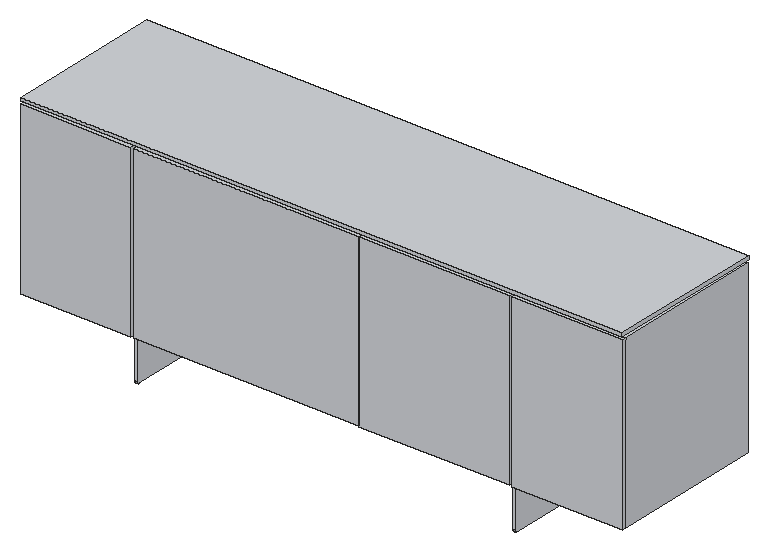
Revit family "Bernhardt_Design-Credenzas-Matera-ServingHeight", category Furniture, Revit 2016
Family settings
  OmniClass Number = 23.40.20.00
  OmniClass Title = General Furniture and Specialties
  Work Plane-Based = No
  Always vertical = Yes
  Cut with Voids When Loaded = No
  Shared = No
  Room Calculation Point = No
Parameters (values of type "Matera - TGJ")
  subTop_width = Tabletop_halfWidth - 27/32"  # 47 5/32"
  leg_width = 30 3/16"
  inside_36in-24inDrawers = no
  inside_36in-24in = yes
  inside_24in-36inDrawers = no
  inside_20in-20in-20in = no
  base_width = Tabletop_halfWidth - 6"  # 42"
  URL = "http://www.bernhardtdesign.com"
  Tabletop_width = 96"
  Tabletop_halfWidth = Tabletop_width / 2  # 48"
  Tabletop_halfDepth = Tabletop_depth / 2  # 12.5957"
  Tabletop_depth = 25 49/256"  # constant formula
  SKU = "TGJ"
  Model = "Matera"  # constant formula
  Manufacturer = "Bernhardt Design"  # constant formula
  Matera Veneer = none
  Matera Top = none
  Matera Metal = none
  Copyright © = "Copyright © Bernhardt Design"  # constant formula
  Catalog = SKU  # "TGJ"
  Authoring Version = "Autodesk Revit 2016"  # constant formula
  inside_24in-24inDrawers = no
  inside_24in-24in = no
  outside_open = no
  outside = yes
  inside_36in-12in = no
  inside_18in-18in = no
Types (13): name | subTop_width | leg_width | inside_36in-24inDrawers | inside_36in-24in | inside_20in-20in-20in | base_width | Tabletop_width | Tabletop_halfWidth | SKU | Catalog | inside_24in-24inDrawers | inside_24in-24in | outside_open | outside | inside_18in-18in
  (no name) | 47 5/32" | 30 3/16" | no | yes | no | 42" | 96" | 48" | "TGJ" | "TGJ" | no | no | no | yes | no
  Matera - TAJ,TIJ | 47 5/32" | 24 3/16" | no | no | no | 42" | 96" | 48" | "TAJ,TIJ" | "TAJ,TIJ" | no | yes | no | yes | no
  Matera - TAN,TBN | 35 5/32" | 18 3/16" | no | no | no | 30" | 72" | 36" | "TAN, TBN" | "TAN, TBN" | no | no | no | yes | yes
  Matera - TAL,TCL | 41 5/32" | 24 3/16" | no | no | no | 36" | 84" | 42" | "TAL,TCL" | "TAL,TCL" | no | yes | no | yes | no
  Matera - TAH,TIH | 53 5/32" | 30 3/16" | no | no | yes | 48" | 108" | 54" | "TAH,TIH" | "TAH,TIH" | no | no | no | yes | no
  Matera - TCJ,TEJ | 47 5/32" | 24 3/16" | no | no | no | 42" | 96" | 48" | "TCJ,TEJ" | "TCJ,TEJ" | no | yes | yes | no | no
  Matera - TGJ | 47 5/32" | 30 3/16" | no | yes | no | 42" | 96" | 48" | "TGJ" | "TGJ" | no | no | no | yes | no
  Matera - THJ | 47 5/32" | 30 3/16" | no | no | no | 42" | 96" | 48" | "THJ" | "THJ" | yes | no | no | yes | no
  Matera - TGH | 53 5/32" | 30 3/16" | no | yes | no | 48" | 108" | 54" | "TGH" | "TGH" | no | no | no | yes | no
  Matera - THH | 53 5/32" | 30 3/16" | yes | no | no | 48" | 108" | 54" | "THH" | "THH" | no | no | no | yes | no
  Matera - TBH,TFH | 53 5/32" | 30 3/16" | no | no | yes | 48" | 108" | 54" | "TBH,TFH" | "TBH,TFH" | no | no | yes | no | no
  Matera - TCH | 53 5/32" | 30 3/16" | no | yes | no | 48" | 108" | 54" | "TCH" | "TCH" | no | no | yes | no | no
  Matera - TDH | 53 5/32" | 30 3/16" | yes | no | no | 48" | 108" | 54" | "TDH" | "TDH" | no | no | yes | no | no
Reference planes (in)
  plane 1 "Center Front/Back": y = 0
  plane 2: z = 0
  plane 3 "Center Left/Right": x = 0
  plane 4 "LegPlane_right": x = 30.1875
  plane 5 "LegPlane_left": x = -30.1875
  plane 6 "basePlane_left": x = -42
  plane 7 "basePlane_right": x = 42
  plane 8 "subTop_plane": z = 33.97656
  plane 9 "subTopPlane_right": x = 47.15625
  plane 10 "subTopPlane_left": x = -47.15625
  plane 11 "TabletopPlane_left": x = -48
  plane 12 "TabletopPlane_right": x = 48
  plane 13 "Tabletop_depthPlane_top": y = 12.5957
  plane 14: y = -12.5957
  plane 15 "cabinetPlane_bottom": z = 6.88989
  plane 16 "subtop_plane_front": y = -11.75146
Forms (in)
  Extrusion 1, solid, material <- "Matera Metal"
    sketch origin (30.1875, 0, 0) x (0, -1, 0) y (0, 0, 1)
      loop
        line (11.75171, 33.97656) -> (-11.71234, 33.97656) -> (-11.71234, 0.25)
        arc (-11.71234, 0.25) -> (-11.63912, 0.07322) -> (-11.46234, 0) r 0.25
        line (-11.46234, 0) -> (11.50171, 0)
        arc (11.50171, 0) -> (11.67849, 0.07322) -> (11.75171, 0.25) r 0.25
        line (11.75171, 0.25) -> (11.75171, 33.97656)
    from -0.21851 to 0.21851
  Extrusion 2, solid, material <- "Matera Metal"
    sketch origin (-30.1875, 0, 0) x (0, -1, 0) y (0, 0, 1)
      loop
        line (11.75171, 33.97656) -> (-11.71234, 33.97656) -> (-11.71234, 0.25)
        arc (-11.71234, 0.25) -> (-11.63912, 0.07322) -> (-11.46234, 0) r 0.25
        line (-11.46234, 0) -> (11.50171, 0)
        arc (11.50171, 0) -> (11.67849, 0.07322) -> (11.75171, 0.25) r 0.25
        line (11.75171, 0.25) -> (11.75171, 33.97656)
    from -0.21851 to 0.21851
  Extrusion 3, solid, material <- "Matera Metal"
    sketch origin (-42, 0, 0) x (0, 1, 0) y (0, 0, 1)
      loop
        arc (-7.25048, 6.88989) -> (-7.30254, 6.86833) -> (-7.3241, 6.81628) r 0.07361
        line (-7.3241, 6.81628) -> (-7.3241, 5.58573)
        arc (-7.3241, 5.58573) -> (-7.27939, 5.47781) -> (-7.17147, 5.43311) r 0.15262
        line (-7.17147, 5.43311) -> (-5.96611, 5.43311)
        arc (-5.96611, 5.43311) -> (-5.8518, 5.48046) -> (-5.80444, 5.59478) r 0.16167
        line (-5.80444, 5.59478) -> (-5.80444, 6.81462)
        arc (-5.80444, 6.81462) -> (-5.82649, 6.86784) -> (-5.87972, 6.88989) r 0.07528
        line (-5.87972, 6.88989) -> (-7.25048, 6.88989)
      loop
        line (7.03649, 6.88989) -> (5.66573, 6.88989)
        arc (5.66573, 6.88989) -> (5.6125, 6.86784) -> (5.59045, 6.81462) r 0.07528
        line (5.59045, 6.81462) -> (5.59045, 5.59478)
        arc (5.59045, 5.59478) -> (5.63781, 5.48046) -> (5.75212, 5.43311) r 0.16167
        line (5.75212, 5.43311) -> (6.95748, 5.43311)
        arc (6.95748, 5.43311) -> (7.06541, 5.47781) -> (7.11011, 5.58573) r 0.15262
        line (7.11011, 5.58573) -> (7.11011, 6.81628)
        arc (7.11011, 6.81628) -> (7.08855, 6.86833) -> (7.03649, 6.88989) r 0.07361
    from 0 to 84
  Extrusion 4, solid, material <- "Matera Metal"
    sketch origin (0, 0, 33.97656) x (-1, 0, 0) y (0, -1, 0)
      loop
        line (-47.15625, -12.5957) -> (-46.65625, -12.5957) -> (-46.65625, 11.25146) -> (-47.15625, 11.25146) -> (-47.15625, -12.5957)
    from 0 to 0.51196
  Extrusion 5, solid, material <- "Matera Metal"
    sketch origin (0, 0, 33.97656) x (-1, 0, 0) y (0, -1, 0)
      loop
        line (-47.15625, 11.25146) -> (47.15625, 11.25146) -> (47.15625, 11.75146) -> (-47.15625, 11.75146) -> (-47.15625, 11.25146)
    from 0 to 0.51196
  Extrusion 6, solid, material <- "Matera Top"
    sketch origin (0, 0, 33.97656) x (-1, 0, 0) y (0, -1, 0)
      loop
        line (48, -12.5957) -> (48, 12.5957) -> (-48, 12.5957) -> (-48, -12.5957) -> (48, -12.5957)
    from 0.51196 to 1.02368
  Extrusion 7, solid, material <- "Matera Metal"
    sketch origin (0, 0, 33.97656) x (1, 0, 0) y (0, 1, 0)
      loop
        line (-47.15625, 12.5957) -> (-47.15625, -11.25146) -> (-46.65625, -11.25146) -> (-46.65625, 12.5957) -> (-47.15625, 12.5957)
    from 0 to 0.51196
  Extrusion 8, solid, material <- "Matera Veneer"
    sketch origin (0, 0, 0) x (1, 0, 0) y (0, 0, 1)
      loop
        line (-47.15625, 33.97656) -> (-47.15625, 33.22876) -> (47.15625, 33.22876) -> (47.15625, 33.97656) -> (-47.15625, 33.97656)
      loop
        line (-47.15625, 6.88989) -> (47.15625, 6.88989) -> (47.15625, 7.63794) -> (-47.15625, 7.63794) -> (-47.15625, 6.88989)
    from -12.5 to 11.75232
  Extrusion 9, solid, material <- "Matera Veneer"
    sketch origin (0, 0, 33.97656) x (-1, 0, 0) y (0, -1, 0)
      loop
        line (-47.15625, -12.5957) -> (47.15625, -12.5957) -> (47.15625, -11.71234) -> (-47.15625, -11.71234) -> (-47.15625, -12.5957)
    from -27.08667 to 0
  Extrusion 10, solid, material <- "Matera Veneer"
    sketch origin (0, 0, 0) x (1, 0, 0) y (0, 0, 1)
      loop
        line (48, 33.97656) -> (47.15625, 33.97656) -> (47.15625, 6.88989) -> (48, 6.88989) -> (48, 33.97656)
    from -12.5 to 11.77411
  Extrusion 11, solid, material <- "Matera Veneer"
    sketch origin (0, 0, 0) x (-1, 0, 0) y (0, 0, -1)
      loop
        line (48, -33.97656) -> (48, -6.88989) -> (47.15625, -6.88989) -> (47.15625, -33.97656) -> (48, -33.97656)
    from -12.5 to 11.77411
  Extrusion 12, solid, visible <- "outside"
    sketch origin (0, -1.46161, 0) x (1, 0, 0) y (0, 0, 1)
      loop
        line (-30.40601, 6.88989) -> (-30.40601, 33.97656) -> (-48, 33.97656) -> (-48, 6.88989) -> (-30.40601, 6.88989)
      loop
        line (48, 6.88989) -> (48, 33.97656) -> (30.40601, 33.97656) -> (30.40601, 6.88989) -> (48, 6.88989)
    from 10.3125 to 11.03839
  Extrusion 13, solid, visible <- "inside_18in-18in"
    sketch origin (18.03101, -1.46161, 0) x (1, 0, 0) y (0, 0, 1)
      loop
        line (-18.08515, 6.88989) -> (-18.08515, 33.97656) -> (-48, 33.97656) -> (-48, 6.88989) -> (-18.08515, 6.88989)
      loop
        line (11.93799, 6.88989) -> (11.93799, 33.97656) -> (-17.97686, 33.97656) -> (-17.97686, 6.88989) -> (11.93799, 6.88989)
    from 10.3125 to 11.03839
  Extrusion 14, solid, visible <- "inside_36in-12in"
    sketch origin (18.03101, -1.46161, 0) x (1, 0, 0) y (0, 0, 1)
      loop
        line (-6.11761, 6.88989) -> (-6.11761, 33.97656) -> (-48, 33.97656) -> (-48, 6.88989) -> (-6.11761, 6.88989)
      loop
        line (11.93799, 6.88989) -> (11.93799, 33.97656) -> (-6.03888, 33.97656) -> (-6.03888, 6.88989) -> (11.93799, 6.88989)
    from 10.3125 to 11.03839
  Extrusion 15, solid, visible <- "outside_open"
    sketch origin (0, 0, 0) x (1, 0, 0) y (0, 0, 1)
      loop
        line (-30.40601, 33.22876) -> (-31.15601, 33.22876) -> (-31.15601, 20.74259) -> (-47.15625, 20.74259) -> (-47.15625, 20.23584) -> (-31.15601, 20.23584) -> (-31.15601, 7.63794) -> (-30.40601, 7.63794) -> (-30.40601, 33.22876)
      loop
        line (30.40601, 33.22876) -> (30.40601, 7.63794) -> (31.15601, 7.63794) -> (31.15601, 20.23584) -> (47.15625, 20.23584) -> (47.15625, 20.74259) -> (31.15601, 20.74259) -> (31.15601, 33.22876) -> (30.40601, 33.22876)
    from -11.61664 to 11.25208
  Extrusion 16, solid, visible <- "inside_24in-24in"
    sketch origin (12.05145, -1.46161, 0) x (1, 0, 0) y (0, 0, 1)
      loop
        line (-12.1056, 6.88989) -> (-12.1056, 33.97656) -> (-42.02044, 33.97656) -> (-42.02044, 6.88989) -> (-12.1056, 6.88989)
      loop
        line (17.91755, 6.88989) -> (17.91755, 33.97656) -> (-11.9973, 33.97656) -> (-11.9973, 6.88989) -> (17.91755, 6.88989)
    from 10.3125 to 11.03839
  Extrusion 17, solid, visible <- "inside_24in-24inDrawers"
    sketch origin (10.30145, -1.46161, 0) x (1, 0, 0) y (0, 0, 1)
      loop
        line (-10.3556, 6.88989) -> (-10.3556, 33.97656) -> (-40.27044, 33.97656) -> (-40.27044, 6.88989) -> (-10.3556, 6.88989)
      loop
        line (19.66755, 20.4231) -> (19.66755, 33.97656) -> (-10.2473, 33.97656) -> (-10.2473, 20.4231) -> (19.66755, 20.4231)
      loop
        line (19.66755, 6.88989) -> (19.66755, 20.34436) -> (-10.2473, 20.34436) -> (-10.2473, 6.88989) -> (19.66755, 6.88989)
    from 10.3125 to 11.03839
  Extrusion 18, solid, visible <- "inside_20in-20in-20in"
    sketch origin (10.30145, -1.46161, 0) x (1, 0, 0) y (0, 0, 1)
      loop
        line (-20.42224, 6.88989) -> (-20.42224, 33.97656) -> (-40.27044, 33.97656) -> (-40.27044, 6.88989) -> (-20.42224, 6.88989)
      loop
        line (-0.44848, 6.88989) -> (-0.44848, 33.97656) -> (-20.3435, 33.97656) -> (-20.3435, 6.88989) -> (-0.44848, 6.88989)
      loop
        line (-0.36975, 6.88989) -> (19.66755, 6.88989) -> (19.66755, 33.97656) -> (-0.36975, 33.97656) -> (-0.36975, 6.88989)
    from 10.3125 to 11.03839
  Extrusion 19, solid, visible <- "inside_24in-36inDrawers"
    sketch origin (4.29652, -1.46161, 0) x (1, 0, 0) y (0, 0, 1)
      loop
        line (-10.3556, 6.88989) -> (-10.3556, 33.97656) -> (-34.26551, 33.97656) -> (-34.26551, 6.88989) -> (-10.3556, 6.88989)
      loop
        line (25.67248, 20.4231) -> (25.67248, 33.97656) -> (-10.2473, 33.97656) -> (-10.2473, 20.4231) -> (25.67248, 20.4231)
      loop
        line (25.67248, 6.88989) -> (25.67248, 20.34436) -> (-10.2473, 20.34436) -> (-10.2473, 6.88989) -> (25.67248, 6.88989)
    from 10.3125 to 11.03839
  Extrusion 20, solid, visible <- "inside_36in-24in"
    sketch origin (12.04675, -1.46161, 0) x (1, 0, 0) y (0, 0, 1)
      loop
        line (-6.11761, 6.88989) -> (-6.11761, 33.97656) -> (-42.01575, 33.97656) -> (-42.01575, 6.88989) -> (-6.11761, 6.88989)
      loop
        line (17.92224, 6.88989) -> (17.92224, 33.97656) -> (-6.03888, 33.97656) -> (-6.03888, 6.88989) -> (17.92224, 6.88989)
    from 10.3125 to 11.03839
  Extrusion 21, solid, visible <- "inside_36in-24inDrawers"
    sketch origin (15.37922, -1.46161, 0) x (1, 0, 0) y (0, 0, 1)
      loop
        line (-10.3556, 6.88989) -> (-10.3556, 33.97656) -> (-45.34821, 33.97656) -> (-45.34821, 6.88989) -> (-10.3556, 6.88989)
      loop
        line (14.58978, 20.4231) -> (14.58978, 33.97656) -> (-10.2473, 33.97656) -> (-10.2473, 20.4231) -> (14.58978, 20.4231)
      loop
        line (14.58978, 6.88989) -> (14.58978, 20.34436) -> (-10.2473, 20.34436) -> (-10.2473, 6.88989) -> (14.58978, 6.88989)
    from 10.3125 to 11.03839
Dimensions and locks (in)
  "subTop_width": plane 10 "subTopPlane_left" to plane 3 "Center Left/Right"
  "subTop_width": plane 3 "Center Left/Right" to plane 9 "subTopPlane_right"
  "Tabletop_halfWidth": plane 11 "TabletopPlane_left" to plane 3 "Center Left/Right"
  "Tabletop_halfWidth": plane 3 "Center Left/Right" to plane 12 "TabletopPlane_right"
  "Tabletop_halfDepth": plane 1 "Center Front/Back" to plane 14
  "Tabletop_halfDepth": plane 1 "Center Front/Back" to plane 13 "Tabletop_depthPlane_top"
  "base_width": plane 3 "Center Left/Right" to plane 6 "basePlane_left"
  "base_width": plane 7 "basePlane_right" to plane 3 "Center Left/Right"
  "leg_width": plane 5 "LegPlane_left" to plane 3 "Center Left/Right"
  "leg_width": plane 3 "Center Left/Right" to plane 4 "LegPlane_right"
  locked: plane 16 "subtop_plane_front" to plane 14 at 0.84424
  aligned and locked: level to plane 2
  aligned and locked: plane 7 "basePlane_right" to Extrusion 3
  aligned and locked: Extrusion 3 to plane 6 "basePlane_left"
  aligned and locked: Extrusion 4 to plane 13 "Tabletop_depthPlane_top"
  aligned and locked: Extrusion 6 to plane 13 "Tabletop_depthPlane_top"
  aligned and locked: Extrusion 6 to plane 14
Automatic sketch dimensions
  Extrusion 1 sketch curve to plane 8 "subTop_plane" = 0"
  Extrusion 1 sketch curve to level = 0"
  plane 13 "Tabletop_depthPlane_top" to Extrusion 1 sketch curve = 0.88336"
  Extrusion 1 sketch curve to Extrusion 1 sketch curve = 1/4"
  plane 16 "subtop_plane_front" to Extrusion 1 sketch curve = 0.24976"
  Extrusion 1 sketch curve to plane 16 "subtop_plane_front" = 0.00024"
  Extrusion 2 sketch curve to plane 8 "subTop_plane" = 0"
  Extrusion 2 sketch curve to level = 0"
  plane 13 "Tabletop_depthPlane_top" to Extrusion 2 sketch curve = 0.88336"
  Extrusion 2 sketch curve to Extrusion 2 sketch curve = 1/4"
  plane 16 "subtop_plane_front" to Extrusion 2 sketch curve = 0.24976"
  Extrusion 2 sketch curve to plane 16 "subtop_plane_front" = 0.00024"
  plane 15 "cabinetPlane_bottom" to Extrusion 3 sketch curve = 0"  (x2)
  plane 15 "cabinetPlane_bottom" to Extrusion 3 sketch curve = 1.30416"
  plane 16 "subtop_plane_front" to Extrusion 3 sketch curve = 4.42737"
  Extrusion 3 sketch curve to Extrusion 3 sketch curve = 0.07361"
  Extrusion 3 sketch curve to Extrusion 3 sketch curve = 0.15262"
  Extrusion 3 sketch curve to Extrusion 3 sketch curve = 1.20536"  (x2)
  plane 15 "cabinetPlane_bottom" to Extrusion 3 sketch curve = 0.07528"
  Extrusion 3 sketch curve to Extrusion 3 sketch curve = 0.08639"
  plane 15 "cabinetPlane_bottom" to Extrusion 3 sketch curve = 1.29512"
  Extrusion 3 sketch curve to plane 1 "Center Front/Back" = 5.59045"
  Extrusion 3 sketch curve to Extrusion 3 sketch curve = 0.07528"
  Extrusion 3 sketch curve to Extrusion 3 sketch curve = 0.16167"
  plane 15 "cabinetPlane_bottom" to Extrusion 3 sketch curve = 0.07361"
  Extrusion 3 sketch curve to Extrusion 3 sketch curve = 0.07901"
  Extrusion 4 sketch curve to plane 9 "subTopPlane_right" = 0"
  plane 13 "Tabletop_depthPlane_top" to Extrusion 4 sketch curve = 0"
  Extrusion 4 sketch curve to Extrusion 4 sketch curve = 1/2"
  plane 16 "subtop_plane_front" to Extrusion 4 sketch curve = 1/2"
  Extrusion 5 sketch curve to plane 9 "subTopPlane_right" = 0"
  Extrusion 5 sketch curve to plane 10 "subTopPlane_left" = 0"
  Extrusion 5 sketch curve to plane 16 "subtop_plane_front" = 0"
  plane 16 "subtop_plane_front" to Extrusion 5 sketch curve = 1/2"
  Extrusion 6 sketch curve to plane 12 "TabletopPlane_right" = 0"
  Extrusion 6 sketch curve to plane 11 "TabletopPlane_left" = 0"
  plane 13 "Tabletop_depthPlane_top" to Extrusion 6 sketch curve = 0"
  Extrusion 6 sketch curve to plane 14 = 0"
  Extrusion 7 sketch curve to plane 10 "subTopPlane_left" = 0"
  plane 13 "Tabletop_depthPlane_top" to Extrusion 7 sketch curve = 0"
  Extrusion 7 sketch curve to plane 10 "subTopPlane_left" = 1/2"
  Extrusion 7 sketch curve to plane 16 "subtop_plane_front" = 1/2"
  Extrusion 8 sketch curve to plane 8 "subTop_plane" = 0"
  Extrusion 8 sketch curve to plane 10 "subTopPlane_left" = 0"  (x2)
  plane 9 "subTopPlane_right" to Extrusion 8 sketch curve = 0"  (x2)
  Extrusion 8 sketch curve to plane 15 "cabinetPlane_bottom" = 0"
  Extrusion 8 sketch curve to Extrusion 8 sketch curve = 0.74805"
  Extrusion 8 sketch curve to Extrusion 8 sketch curve = 0.7478"
  Extrusion 9 sketch curve to plane 9 "subTopPlane_right" = 0"
  Extrusion 9 sketch curve to plane 10 "subTopPlane_left" = 0"
  plane 13 "Tabletop_depthPlane_top" to Extrusion 9 sketch curve = 0"
  plane 13 "Tabletop_depthPlane_top" to Extrusion 9 sketch curve = 0.88336"
  Extrusion 10 sketch curve to plane 8 "subTop_plane" = 0"
  plane 9 "subTopPlane_right" to Extrusion 10 sketch curve = 0"
  plane 12 "TabletopPlane_right" to Extrusion 10 sketch curve = 0"
  Extrusion 10 sketch curve to plane 15 "cabinetPlane_bottom" = 0"
  Extrusion 11 sketch curve to plane 8 "subTop_plane" = 0"
  Extrusion 11 sketch curve to plane 10 "subTopPlane_left" = 0"
  plane 11 "TabletopPlane_left" to Extrusion 11 sketch curve = 0"
  Extrusion 11 sketch curve to plane 15 "cabinetPlane_bottom" = 0"
  plane 11 "TabletopPlane_left" to Extrusion 12 sketch curve = 0"
  Extrusion 12 sketch curve to plane 8 "subTop_plane" = 0"  (x2)
  Extrusion 12 sketch curve to plane 15 "cabinetPlane_bottom" = 0"  (x2)
  plane 12 "TabletopPlane_right" to Extrusion 12 sketch curve = 0"
  plane 5 "LegPlane_left" to Extrusion 12 sketch curve = 0.21851"
  Extrusion 12 sketch curve to plane 4 "LegPlane_right" = 0.21851"
  Extrusion 13 sketch curve to plane 15 "cabinetPlane_bottom" = 0"  (x2)
  Extrusion 13 sketch curve to plane 8 "subTop_plane" = 0"  (x2)
  Extrusion 13 sketch curve to plane 5 "LegPlane_left" = 0.21851"
  Extrusion 13 sketch curve to plane 3 "Center Left/Right" = 0.05415"
  plane 3 "Center Left/Right" to Extrusion 13 sketch curve = 0.05415"
  plane 4 "LegPlane_right" to Extrusion 13 sketch curve = 0.21851"
  Extrusion 14 sketch curve to plane 15 "cabinetPlane_bottom" = 0"  (x2)
  Extrusion 14 sketch curve to plane 8 "subTop_plane" = 0"  (x2)
  Extrusion 14 sketch curve to plane 5 "LegPlane_left" = 0.21851"
  plane 3 "Center Left/Right" to Extrusion 14 sketch curve = 11.91339"
  Extrusion 14 sketch curve to Extrusion 14 sketch curve = 0.07874"
  plane 4 "LegPlane_right" to Extrusion 14 sketch curve = 0.21851"
  Extrusion 15 sketch curve to plane 10 "subTopPlane_left" = 0"
  plane 9 "subTopPlane_right" to Extrusion 15 sketch curve = 0"
  plane 5 "LegPlane_left" to Extrusion 15 sketch curve = 0.96851"  (x2)
  plane 5 "LegPlane_left" to Extrusion 15 sketch curve = 0.21851"
  Extrusion 15 sketch curve to plane 4 "LegPlane_right" = 0.21851"
  Extrusion 15 sketch curve to plane 4 "LegPlane_right" = 0.96851"
  Extrusion 15 sketch curve to Extrusion 15 sketch curve = 3/4"
  Extrusion 15 sketch curve to plane 15 "cabinetPlane_bottom" = 0.74805"  (x2)
  Extrusion 15 sketch curve to plane 15 "cabinetPlane_bottom" = 13.34595"  (x2)
  Extrusion 15 sketch curve to Extrusion 15 sketch curve = 0.50675"  (x2)
  Extrusion 15 sketch curve to plane 8 "subTop_plane" = 0.7478"  (x2)
  Extrusion 16 sketch curve to plane 15 "cabinetPlane_bottom" = 0"  (x2)
  Extrusion 16 sketch curve to plane 8 "subTop_plane" = 0"  (x2)
  Extrusion 16 sketch curve to plane 5 "LegPlane_left" = 0.21851"
  Extrusion 16 sketch curve to plane 3 "Center Left/Right" = 0.05415"
  plane 3 "Center Left/Right" to Extrusion 16 sketch curve = 0.05415"
  plane 4 "LegPlane_right" to Extrusion 16 sketch curve = 0.21851"
  Extrusion 17 sketch curve to plane 15 "cabinetPlane_bottom" = 0"  (x2)
  Extrusion 17 sketch curve to plane 8 "subTop_plane" = 0"  (x2)
  Extrusion 17 sketch curve to plane 5 "LegPlane_left" = 0.21851"
  Extrusion 17 sketch curve to plane 3 "Center Left/Right" = 0.05415"
  plane 3 "Center Left/Right" to Extrusion 17 sketch curve = 0.05415"  (x2)
  plane 4 "LegPlane_right" to Extrusion 17 sketch curve = 0.21851"
  Extrusion 17 sketch curve to Extrusion 17 sketch curve = 0"
  Extrusion 17 sketch curve to Extrusion 17 sketch curve = 13.45447"
  Extrusion 17 sketch curve to Extrusion 17 sketch curve = 0.07874"
  Extrusion 18 sketch curve to plane 15 "cabinetPlane_bottom" = 0"  (x3)
  Extrusion 18 sketch curve to plane 8 "subTop_plane" = 0"  (x3)
  Extrusion 18 sketch curve to plane 5 "LegPlane_left" = 0.21851"
  Extrusion 18 sketch curve to plane 3 "Center Left/Right" = 10.12079"
  Extrusion 18 sketch curve to Extrusion 18 sketch curve = 0.07874"  (x2)
  plane 3 "Center Left/Right" to Extrusion 18 sketch curve = 9.85297"
  plane 4 "LegPlane_right" to Extrusion 18 sketch curve = 0.21851"
  Extrusion 19 sketch curve to plane 15 "cabinetPlane_bottom" = 0"  (x2)
  Extrusion 19 sketch curve to plane 8 "subTop_plane" = 0"  (x2)
  Extrusion 19 sketch curve to plane 5 "LegPlane_left" = 0.21851"
  Extrusion 19 sketch curve to plane 3 "Center Left/Right" = 6.05908"
  Extrusion 19 sketch curve to Extrusion 19 sketch curve = 0.1083"
  Extrusion 19 sketch curve to Extrusion 19 sketch curve = 0"  (x2)
  plane 4 "LegPlane_right" to Extrusion 19 sketch curve = 0.21851"
  Extrusion 19 sketch curve to Extrusion 19 sketch curve = 13.45447"
  Extrusion 19 sketch curve to Extrusion 19 sketch curve = 0.07874"
  Extrusion 20 sketch curve to plane 15 "cabinetPlane_bottom" = 0"  (x2)
  Extrusion 20 sketch curve to plane 8 "subTop_plane" = 0"  (x2)
  Extrusion 20 sketch curve to plane 5 "LegPlane_left" = 0.21851"
  plane 3 "Center Left/Right" to Extrusion 20 sketch curve = 5.92914"
  Extrusion 20 sketch curve to Extrusion 20 sketch curve = 0.07874"
  plane 4 "LegPlane_right" to Extrusion 20 sketch curve = 0.21851"
  Extrusion 21 sketch curve to plane 15 "cabinetPlane_bottom" = 0"  (x2)
  Extrusion 21 sketch curve to plane 8 "subTop_plane" = 0"  (x2)
  Extrusion 21 sketch curve to plane 5 "LegPlane_left" = 0.21851"
  plane 3 "Center Left/Right" to Extrusion 21 sketch curve = 5.02362"
  Extrusion 21 sketch curve to Extrusion 21 sketch curve = 0.1083"
  Extrusion 21 sketch curve to Extrusion 21 sketch curve = 0"  (x2)
  plane 4 "LegPlane_right" to Extrusion 21 sketch curve = 0.21851"
  Extrusion 21 sketch curve to Extrusion 21 sketch curve = 13.45447"
  Extrusion 21 sketch curve to Extrusion 21 sketch curve = 0.07874"
